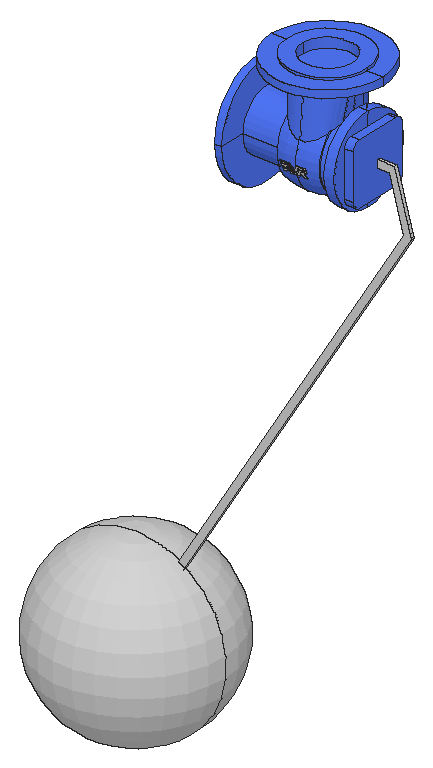
Revit family "854-00-002-DN50-300", category Pipe Accessories, Revit 2019
Family settings
  Round Connector Dimension = Use Diameter
  Part Type = Valve - Breaks Into
  Work Plane-Based = No
  Always vertical = No
  Cut with Voids When Loaded = No
  Shared = No
Parameters (values of type "DN100_PN16")
  Side_Flange_length = size_lookup(Search_table, "Side_Flange_length", 0 mm, [Nominal Diameter (DN)])  # 60 mm
  Rf_Dia = size_lookup(Search_table, "RF_Dia", 0 mm, [Nominal Diameter (DN)])  # 78 mm
  L = size_lookup(Search_table, "L", 0 mm, [Nominal Diameter (DN)])  # 190 mm
  ID_ref_2 = ID / 3  # 16.667 mm
  ID_ref = ID / 1.5  # 33.333 mm
  ID = size_lookup(Search_table, "DN", 0 mm, [Nominal Diameter (DN)]) / 2  # 50 mm
  Nominal Diameter (DN) = 100 mm
  G = size_lookup(Search_table, "G", 0 mm, [Nominal Diameter (DN)])  # 240 mm
  Flange_Thickness = size_lookup(Search_table, "Flange_Thickness", 0 mm, [Nominal Diameter (DN)])  # 19 mm
  Flange_OD = size_lookup(Search_table, "Flange_OD", 0 mm, [Nominal Diameter (DN)]) / 2  # 110 mm
  Fillet_length_2 = Fillet_length * 3  # 15 mm
  Fillet_length = size_lookup(Search_table, "Fillet_length", 0 mm, [Nominal Diameter (DN)])  # 5 mm
  E = size_lookup(Search_table, "E", 0 mm, [Nominal Diameter (DN)])  # 330 mm
  Description_ = "AVK BALL FLOAT VALVE"
  DN080_PN16 = "854-080-00-1311"
  DN050_PN16 = "854-050-00-1311"
  DN300_PN16 = "854-300-00-1311"
  DN250_PN16 = "854-250-00-1311"
  DN200_PN16 = "854-200-00-1311"
  DN150_PN16 = "854-150-00-1311"
  DN100_PN16 = "854-100-00-1311"
  Search_table = "854-00-002-DN50-300"
  URL product pages = "https://www.avkvalves.com/P.aspx?no=854050001311"
  D = size_lookup(Search_table, "D", 0 mm, [Nominal Diameter (DN)])  # 380 mm
  C = size_lookup(Search_table, "C", 0 mm, [Nominal Diameter (DN)])  # 1000 mm
  Body_wallthickness_ref_3 = Body_wallthickness_ref * 1.4  # 84 mm
  Body_wallthickness_ref_2 = Body_wallthickness_ref * 2  # 120 mm
  Body_wallthickness_ref = ID + Body_wallthickness  # 60 mm
  Body_wallthickness = 10 mm  # constant formula
  Ball_dia_ref_2 = Ball_dia_ref / 2.5  # 144 mm
  Ball_dia_ref = Ball_dia  # 360 mm
  Ball_dia = size_lookup(Search_table, "Ball_dia", 0 mm, [Nominal Diameter (DN)])  # 360 mm
  B = size_lookup(Search_table, "B", 0 mm, [Nominal Diameter (DN)])  # 160 mm
  A = size_lookup(Search_table, "A", 0 mm, [Nominal Diameter (DN)])  # 140 mm
Types (8, lengths in mm): name | Side_Flange_length | Rf_Dia | L | ID_ref_2 | ID_ref | ID | Nominal Diameter (DN) | G | Flange_Thickness | Flange_OD | Fillet_length_2 | Fillet_length | E | D | C | Body_wallthickness_ref_3 | Body_wallthickness_ref_2 | Body_wallthickness_ref | Ball_dia_ref_2 | Ball_dia_ref | Ball_dia | B | A
  (no name) | 60 | 78 | 190 | 16.667 | 33.333 | 50 | 100 | 240 | 19 | 110 | 15 | 5 | 330 | 380 | 1000 | 84 | 120 | 60 | 144 | 360 | 360 | 160 | 140
  DN050_PN16 | 35 | 42 | 150 | 8.333 | 16.667 | 25 | 50 | 150 | 19 | 75 | 15 | 5 | 170 | 260 | 700 | 49 | 70 | 35 | 124 | 310 | 310 | 110 | 110
  DN080_PN16 | 50 | 66 | 180 | 13.333 | 26.667 | 40 | 80 | 170 | 19 | 100 | 15 | 5 | 250 | 300 | 850 | 70 | 100 | 50 | 144 | 360 | 360 | 145 | 130
  DN100_PN16 | 60 | 78 | 190 | 16.667 | 33.333 | 50 | 100 | 240 | 19 | 110 | 15 | 5 | 330 | 380 | 1000 | 84 | 120 | 60 | 144 | 360 | 360 | 160 | 140
  DN150_PN16 | 80 | 106 | 210 | 25 | 50 | 75 | 150 | 290 | 19 | 142 | 22.5 | 7.5 | 480 | 470 | 1250 | 119 | 170 | 85 | 184 | 460 | 460 | 210 | 180
  DN200_PN16 | 100 | 133 | 230 | 33.333 | 66.667 | 100 | 200 | 350 | 20 | 170 | 30 | 10 | 650 | 570 | 1500 | 154 | 220 | 110 | 184 | 460 | 460 | 270 | 220
  DN250_PN16 | 120 | 160 | 250 | 41.667 | 83.333 | 125 | 250 | 400 | 22 | 200 | 30 | 10 | 810 | 650 | 1800 | 189 | 270 | 135 | 184 | 460 | 460 | 330 | 250
  DN300_PN16 | 140 | 185 | 270 | 50 | 100 | 150 | 300 | 450 | 24.5 | 228 | 30 | 10 | 930 | 750 | 2200 | 224 | 320 | 160 | 184 | 460 | 460 | 380 | 300
Reference planes
  plane 1 "Center (Front/Back)": y = 0
  plane 2: z = 0
  plane 3 "Center (Left/Right)": x = 0
  plane 4: y = 0
  plane 5: x = -150
  plane 6: x = 150
  plane 7: z = 110
  plane 8: x = 160
  plane 9: x = 80
  plane 10: z = -110
  plane 11: z = -60
  plane 12: z = -85
  plane 13: z = -72.5
  plane 14: x = -42
  plane 15: x = 42
  plane 16: z = 110
  plane 17: z = 60
  plane 18: z = -35
  plane 19: z = -60
  plane 20: z = -85
  plane 21: z = -110
  plane 22: z = -50
  plane 23: z = -72.5
  plane 24: y = 60
  plane 25: y = -60
  plane 26: z = 60
  plane 27: z = -60
  plane 28: z = 45
  plane 29: z = 45
  plane 30: z = -45
  plane 31: z = -45
  plane 32: y = -45
  plane 33: y = 45
  plane 34: y = 45
  plane 35: y = -45
  plane 36: x = -140
  plane 37: x = 160
  plane 38: x = 99
  plane 39: x = 80
  plane 40: z = -78.75
  plane 41: y = -60
  plane 42: y = -110
  plane 43: y = -85
  plane 44: z = 160
  plane 45: y = -72.5
  plane 46: y = 33.333
  plane 47: y = -33.333
  plane 48: x = -42
  plane 49: x = 42
  plane 50: y = 72.5
  plane 51: x = -60
  plane 52: x = 60
  plane 53: y = 60
  plane 54: y = 16.667
  plane 55: y = -16.667
  plane 56: z = 141
  plane 57: x = -380
  plane 58: z = -1000
  plane 59: x = -710
  plane 60: x = 129.5
  plane 61: z = -110
Forms (mm)
  Revolve 1, solid, material "Plastic"
    sketch origin (0, 0, 0) x (1, 0, 0) y (0, 1, 0)
      loop
        line (-140, 110) -> (-140, 50) -> (80, 50) -> (80, 60) -> (-121, 60) -> (-121, 110) -> (-140, 110)
      axis (-140, 0) -> (80, 0)
    angle from 0 to 360
  Extrusion 2, solid, material "Aluminum 1100-O"
    sketch origin (0, 0, 0) x (0, 1, 0) y (0, 0, 1)
      loop
        circle (0, 0) r 50
    from -4.878 to 4.878
  Revolve 3, void
    sketch origin (0, 0, 0) x (1, 0, 0) y (0, 0, 1)
      loop
        line (-140, 110) -> (-140, 78) -> (-136, 78) -> (-136, 110) -> (-140, 110)
      axis (-140, 0) -> (-136, 0)
    angle from 0 to 360
  Revolve 4, solid, material "Plastic"
    sketch origin (0, 0, 0) x (1, 0, 0) y (0, 0, 1)
      loop
        line (-42, -50) -> (-42, -72.5)
        arc (-42, -72.5) -> (-21.239, -77.233) -> (0, -78.75) r 139.465
        arc (0, -78.75) -> (21.239, -77.233) -> (42, -72.5) r 139.465
        line (42, -72.5) -> (42, -50) -> (-42, -50)
      axis (-42, 0) -> (42, 0)
    angle from 0 to 360
  Revolve 5, solid, material "Plastic"
    sketch origin (0, 0, 0) x (1, 0, 0) y (0, 0, 1)
      loop
        line (80, 50) -> (80, 85) -> (61, 85) -> (61, 50) -> (80, 50)
      axis (61, 0) -> (80, 0)
    angle from 0 to 360
  Revolve 6, solid, material "Plastic"
    sketch origin (0, 0, 0) x (1, 0, 0) y (0, 0, 1)
      loop
        line (42, -72.5) -> (61, -72.5) -> (61, -50) -> (42, -50) -> (42, -72.5)
      axis (42, 0) -> (61, 0)
    angle from 0 to 360
  Extrusion 7, solid, material "Plastic"
    sketch origin (0, 0, 0) x (0, 1, 0) y (0, 0, 1)
      loop
        line (45, 60) -> (-45, 60)
        arc (-45, 60) -> (-55.607, 55.607) -> (-60, 45) r 15
        line (-60, 45) -> (-60, -45)
        arc (-60, -45) -> (-55.607, -55.607) -> (-45, -60) r 15
        line (-45, -60) -> (45, -60)
        arc (45, -60) -> (55.607, -55.607) -> (60, -45) r 15
        line (60, -45) -> (60, 45)
        arc (60, 45) -> (55.607, 55.607) -> (45, 60) r 15
    from 80 to 99
  SweptBlend 8, solid, material "Plastic"
    path origin (0, 0, 0) x (1, 0, 0) y (0, 0, 1)
      loop
        line (0, 0) -> (0, 141)
    profile origin (0, 0, 0) x (-1, 0, 0) y (0, -1, 0)
      loop
        line (42, 0) -> (42, 33.333)
        arc (42, 33.333) -> (29.515, 62.048) -> (0, 72.5) r 39.262
        arc (0, 72.5) -> (-29.515, 62.048) -> (-42, 33.333) r 39.262
        line (-42, 33.333) -> (-42, 0) -> (-42, -33.333)
        arc (-42, -33.333) -> (-29.515, -62.048) -> (0, -72.5) r 39.262
        arc (0, -72.5) -> (29.515, -62.048) -> (42, -33.333) r 39.262
        line (42, -33.333) -> (42, 0)
    end profile origin (0, 0, 141) x (-1, 0, 0) y (0, -1, 0)
      loop
        line (60, 0) -> (60, 16.667)
        arc (60, 16.667) -> (37.273, 48.404) -> (0, 60) r 61.331
        arc (0, 60) -> (-37.273, 48.404) -> (-60, 16.667) r 61.331
        line (-60, 16.667) -> (-60, 0) -> (-60, -16.667)
        arc (-60, -16.667) -> (-37.273, -48.404) -> (0, -60) r 61.331
        arc (0, -60) -> (37.273, -48.404) -> (60, -16.667) r 61.331
        line (60, -16.667) -> (60, 0)
  Extrusion 9, solid, material "Plastic"
    sketch origin (0, 0, 0) x (1, 0, 0) y (0, 1, 0)
      loop
        circle (0, 0) r 110
      loop
        circle (0, 0) r 50
    from 141 to 160
  Revolve 10, void
    sketch origin (0, 0, 0) x (1, 0, 0) y (0, 0, 1)
      loop
        line (-110, 160) -> (-110, 156) -> (-78, 156) -> (-78, 160) -> (-110, 160)
      axis (0, 156) -> (0, 160)
    angle from 0 to 360
  Sweep 11, solid, material "Stainless Steel AISI 304"
    path origin (0, 0, 0) x (1, 0, 0) y (0, 0, 1)
      loop
        line (99, 0) -> (129.5, 0) -> (160, -110) -> (-380, -1000)
    profile origin (114.25, 0, 0) x (0, 0, 1) y (0, -1, 0)
      loop
        line (7.5, -2.5) -> (7.5, 2.5) -> (-7.5, 2.5) -> (-7.5, -2.5) -> (7.5, -2.5)
  Revolve 12, solid, material "Stainless Steel AISI 304"
    sketch origin (0, 0, 0) x (1, 0, 0) y (0, 0, 1)
      loop
        arc (-380, -1180) -> (-200, -1000) -> (-380, -820) r 180
        line (-380, -820) -> (-380, -1180)
      axis (-380, -1180) -> (-380, -820)
    angle from 0 to 360
Cuts and joins
  Revolve 3 cuts Revolve 1
  Revolve 10 cuts Extrusion 9
Dimensions and locks
  "Flange_Thickness": Revolve 1 sketch curve to Revolve 1 sketch curve
  "ID": plane 4 to Revolve 1 sketch curve
  "Body_wallthickness": Revolve 1 sketch curve to Revolve 1 sketch curve
  equal spacing: plane 5, plane 3 "Center (Left/Right)", plane 6
  locked: plane 5 to plane 6 at 300
  "Flange_OD": plane 7 to level
  locked: cut or joined group of Revolve 1, Revolve 3 to Revolve 3 sketch curve at 4
  "Rf_Dia": Revolve 3 sketch curve to level
  equal spacing: Extrusion 2, plane 3 "Center (Left/Right)", Extrusion 2
  locked: Extrusion 2 to Extrusion 2 at 9.755
  "A": Revolve 1 sketch curve to plane 3 "Center (Left/Right)"
  "B": plane 3 "Center (Left/Right)" to plane 8
  equal spacing: plane 3 "Center (Left/Right)", plane 9, plane 8
  "Flange_OD": plane 4 to Revolve 1 sketch curve
  "Body_wallthickness_ref": level to plane 11
  "Flange_OD": level to plane 10
  equal spacing: plane 11, plane 12, plane 10
  equal spacing: plane 11, plane 13, plane 12
  equal spacing: plane 14, plane 3 "Center (Left/Right)", plane 15
  "Body_wallthickness_ref_3": plane 14 to plane 15
  "Flange_OD": plane 16 to level
  Revolve 5 sketch curve to level = 85 mm
  "Body_wallthickness_ref": plane 17 to level
  equal spacing: plane 16, Revolve 5 sketch curve, plane 17
  "Flange_Thickness": Revolve 5 sketch curve to cut or joined group of Revolve 1, Revolve 3
  "Flange_OD": level to plane 21
  "ID": level to Revolve 6 sketch curve
  "ID": level to Revolve 4 sketch curve
  "Body_wallthickness_ref": level to plane 19
  equal spacing: plane 19, plane 20, plane 21
  equal spacing: plane 19, plane 23, plane 20
  "Fillet_length_2": plane 24 to plane 33
  "Fillet_length_2": plane 32 to plane 25
  "Fillet_length_2": plane 26 to plane 28
  "Fillet_length_2": plane 26 to plane 29
  "Fillet_length_2": plane 31 to plane 27
  "Fillet_length_2": plane 35 to plane 25
  "Fillet_length_2": plane 24 to plane 34
  "Fillet_length_2": plane 30 to plane 27
  equal spacing: plane 26, level, plane 27
  equal spacing: plane 24, plane 1 "Center (Front/Back)", plane 25
  "Side_Flange_length": plane 24 to plane 1 "Center (Front/Back)"
  "Side_Flange_length": plane 26 to level
  "A": plane 3 "Center (Left/Right)" to plane 36
  "B": plane 37 to plane 3 "Center (Left/Right)"
  equal spacing: plane 37, plane 39, plane 3 "Center (Left/Right)"
  "Flange_Thickness": plane 38 to plane 39
  equal spacing: plane 13, plane 40, plane 12
  "Body_wallthickness_ref": plane 41 to plane 1 "Center (Front/Back)"
  "Flange_OD": plane 42 to plane 1 "Center (Front/Back)"
  equal spacing: plane 42, plane 43, plane 41
  "B": plane 44 to level
  equal spacing: plane 43, plane 45, plane 41
  equal spacing: plane 46, plane 1 "Center (Front/Back)", plane 47
  equal spacing: plane 48, plane 3 "Center (Left/Right)", plane 49
  "Body_wallthickness_ref_3": plane 48 to plane 49
  "ID_ref": plane 46 to plane 1 "Center (Front/Back)"
  equal spacing: plane 50, plane 1 "Center (Front/Back)", plane 45
  equal spacing: plane 51, plane 3 "Center (Left/Right)", plane 52
  "Body_wallthickness_ref_2": plane 51 to plane 52
  equal spacing: plane 41, plane 1 "Center (Front/Back)", plane 53
  equal spacing: plane 54, plane 1 "Center (Front/Back)", plane 55
  "ID_ref_2": plane 54 to plane 1 "Center (Front/Back)"
  "Flange_Thickness": plane 44 to plane 56
  locked: plane 44 to Revolve 10 sketch curve at 4
  "Rf_Dia": plane 3 "Center (Left/Right)" to Revolve 10 sketch curve
  "G": plane 36 to plane 57
  "C": level to plane 58
  "E": plane 57 to plane 59
  "D": plane 3 "Center (Left/Right)" to plane 57
  equal spacing: plane 37, plane 60, plane 38
  "Flange_OD": level to plane 61
  equal spacing: Sweep 11 sketch curve, profile plane, Sweep 11 sketch curve
  equal spacing: Sweep 11 sketch curve, SweptBlend 8, Sweep 11 sketch curve
  "Fillet_length": Sweep 11 sketch curve to Sweep 11 sketch curve
  "Fillet_length_2": Sweep 11 sketch curve to Sweep 11 sketch curve
  equal spacing: Revolve 12 sketch curve, plane 58, Revolve 12 sketch curve
  "Ball_dia": Revolve 12 sketch curve to Revolve 12 sketch curve
  "Flange_OD": radius of Extrusion 9 sketch curve
  "ID": radius of Extrusion 9 sketch curve
  aligned and locked: level to plane 2
  aligned and locked: plane 1 "Center (Front/Back)" to plane 4
  aligned and locked: plane 1 "Center (Front/Back)" to Revolve 1 sketch curve
  aligned and locked: Extrusion 2 sketch curve to cut or joined group of Revolve 1, Revolve 3  (x2)
  aligned and locked: Revolve 3 sketch curve to plane 2
  aligned and locked: Revolve 3 sketch curve to cut or joined group of Revolve 1, Revolve 3
  aligned and locked: Revolve 1 sketch curve to plane 9
  aligned and locked: plane 14 to Revolve 4 sketch curve  (x2)
  aligned and locked: plane 15 to Revolve 4 sketch curve  (x2)
  aligned and locked: Revolve 5 sketch curve to cut or joined group of Revolve 1, Revolve 3
  aligned and locked: Revolve 5 sketch curve to plane 2
  aligned and locked: Revolve 6 sketch curve to Revolve 4
  aligned and locked: Revolve 6 sketch curve to Revolve 5
  aligned and locked: Revolve 6 sketch curve to plane 2
  aligned and locked: Extrusion 7 sketch curve to plane 32
  aligned and locked: plane 26 to Extrusion 7 sketch curve  (x2)
  aligned and locked: Extrusion 7 sketch curve to plane 28
  aligned and locked: plane 25 to Extrusion 7 sketch curve  (x2)
  aligned and locked: Extrusion 7 sketch curve to plane 31
  aligned and locked: plane 27 to Extrusion 7 sketch curve  (x2)
  aligned and locked: plane 35 to Extrusion 7 sketch curve
  aligned and locked: plane 34 to Extrusion 7 sketch curve
  aligned and locked: plane 24 to Extrusion 7 sketch curve  (x2)
  aligned and locked: Extrusion 7 sketch curve to plane 30
  aligned and locked: Extrusion 7 sketch curve to plane 33
  aligned and locked: Extrusion 7 sketch curve to plane 29
  aligned and locked: Extrusion 7 to cut or joined group of Revolve 1, Revolve 3
  aligned and locked: plane 36 to cut or joined group of Revolve 1, Revolve 3
  aligned and locked: plane 38 to Extrusion 7
  aligned and locked: plane 40 to Revolve 4 sketch curve
  aligned and locked: plane 3 "Center (Left/Right)" to Revolve 4 sketch curve
  aligned and locked: plane 13 to Revolve 4 sketch curve  (x2)
  aligned and locked: plane 50 to SweptBlend 8 sketch curve
  aligned and locked: plane 3 "Center (Left/Right)" to SweptBlend 8 sketch curve  (x4)
  aligned and locked: plane 46 to SweptBlend 8 sketch curve  (x2)
  aligned and locked: plane 48 to SweptBlend 8 sketch curve  (x2)
  aligned and locked: plane 49 to SweptBlend 8 sketch curve  (x2)
  aligned and locked: plane 47 to SweptBlend 8 sketch curve  (x2)
  aligned and locked: plane 45 to SweptBlend 8 sketch curve
  aligned and locked: plane 53 to SweptBlend 8 sketch curve
  aligned and locked: plane 54 to SweptBlend 8 sketch curve  (x2)
  aligned and locked: plane 51 to SweptBlend 8 sketch curve  (x2)
  aligned and locked: plane 52 to SweptBlend 8 sketch curve  (x2)
  aligned and locked: plane 55 to SweptBlend 8 sketch curve  (x2)
  aligned and locked: plane 41 to SweptBlend 8 sketch curve
  aligned and locked: plane 2 to SweptBlend 8 sketch curve
  aligned and locked: SweptBlend 8 sketch curve to Revolve 4
  aligned and locked: plane 44 to Extrusion 9
  aligned and locked: Extrusion 9 to SweptBlend 8
  aligned and locked: Revolve 10 sketch curve to Extrusion 9  (x2)
  aligned and locked: plane 3 "Center (Left/Right)" to Revolve 10 sketch curve
  aligned and locked: plane 23 to Revolve 6 sketch curve
  aligned and locked: plane 38 to Sweep 11 sketch curve
  aligned and locked: level to Sweep 11 sketch curve
  aligned and locked: plane 60 to Sweep 11 sketch curve
  aligned and locked: plane 37 to Sweep 11 sketch curve
  aligned and locked: plane 61 to Sweep 11 sketch curve
  aligned and locked: plane 57 to Sweep 11 sketch curve
  aligned and locked: plane 58 to Sweep 11 sketch curve
  aligned and locked: plane 57 to Revolve 12 sketch curve
  aligned and locked: Revolve 12 sketch curve to Revolve 12 sketch curve
Automatic sketch dimensions
  Revolve 3 sketch curve to plane 7 = 0 mm
  Revolve 3 sketch curve to Revolve 3 sketch curve = 12 mm
  Revolve 1 sketch curve to plane 3 "Center (Left/Right)" = 30 mm
  plane 3 "Center (Left/Right)" to Revolve 1 sketch curve = 10 mm
  plane 3 "Center (Left/Right)" to Revolve 3 sketch curve = 36 mm
  Revolve 5 sketch curve to plane 17 = 10 mm
  Revolve 5 sketch curve to Revolve 5 sketch curve = 5 mm
  Revolve 5 sketch curve to Revolve 5 sketch curve = 25 mm
  plane 3 "Center (Left/Right)" to Revolve 6 sketch curve = 10.853 mm
  Revolve 6 sketch curve to Revolve 6 sketch curve = 4.853 mm
  Revolve 4 sketch curve to level = 0 mm
  Revolve 4 sketch curve to plane 3 "Center (Left/Right)" = 0.712 mm
  plane 3 "Center (Left/Right)" to Revolve 4 sketch curve = 0.712 mm
  Revolve 4 sketch curve to plane 14 = 5 mm
  plane 15 to Revolve 4 sketch curve = 5 mm
  plane 1 "Center (Front/Back)" to SweptBlend 8 sketch curve = 0 mm  (x4)
  profile plane to SweptBlend 8 sketch curve = 1.365 mm  (x2)
  SweptBlend 8 sketch curve to profile plane = 1.365 mm  (x2)
  SweptBlend 8 sketch curve to plane 56 = 0 mm
  Revolve 10 sketch curve to plane 44 = 9 mm
  plane 44 to Revolve 10 sketch curve = 3.827 mm
  Extrusion 9 sketch curve to Extrusion 9 sketch curve = 0 mm  (x2)
  plane 1 "Center (Front/Back)" to Extrusion 9 sketch curve = 0 mm
  Extrusion 9 sketch curve to plane 3 "Center (Left/Right)" = 0 mm
  Revolve 12 sketch curve to Revolve 12 sketch curve = 35 mm
  plane 58 to Revolve 12 sketch curve = 35 mm
Nested families
  nested 1: "LOGO - Copy - Copy" at (-0.969, -72.21, -31.4) x (0.9999, -0.0111, -0.0048) z (-0.0121, -0.917, -0.3987), type "LOGO - Copy - Copy"
Connectors
  piping at (0, 0, 160), diameter 100, driven by "Nominal Diameter (DN)"
    settings: on Extrusion 9, index 1, connector inside diameter 609.6 mm, connector length 0 mm, flow factor 0, pipe flow 0.0 L/s, pressure drop 0.0 Pa, fitting loss kfactor 0, connector angle 0.00°, fixture units 0, engagement length 0 mm, angle of deflection 0.00°, flow configuration 0, flow direction 0, fitting loss method 0, system type 7, joint type 0, gender type 0, connector reference index -1, connector utility 0, adjustable connector no, is connector primary yes, connector description ""
Definition of nested family "LOGO - Copy - Copy"
  Parameters (values of type "LOGO - Copy - Copy")
    Default Elevation = 1219.2 mm
  Reference planes
    plane 1 "Center (Front/Back)": y = 0
    plane 2: z = 0
    plane 3 "Center (Left/Right)": x = 0
  Forms (mm)
    Extrusion 1, solid
      sketch origin (0, 0, 0) x (1, 0, 0) y (0, 1, 0)
        loop
          line (-1219.2, 1219.2) -> (-1219.2, -1219.2) -> (1219.2, -1219.2) -> (1219.2, 1219.2) -> (-1219.2, 1219.2)
      from 0 to -304.8
    Extrusion 2, solid
      sketch origin (0, 0, 0) x (1, 0, 0) y (0, 1, 0)
        loop
          line (-6.514, 34.224) -> (-24, 34.224) -> (-24, 29.481) -> (-9.766, 29.481) -> (-2.391, 11.367) -> (2.391, 11.367) -> (9.766, 29.481) -> (24, 29.481) -> (24, 34.224) -> (6.514, 34.224) -> (0, 18.224) -> (-6.514, 34.224)
        loop
          line (-10.996, 27.653) -> (-24, 27.653) -> (-24, 23.081) -> (-19.503, 23.081) -> (-24, 11.367) -> (-18.92, 11.367) -> (-17.955, 13.881) -> (-10.51, 13.881) -> (-9.486, 11.367) -> (-4.365, 11.367) -> (-10.996, 27.653)
        loop
          line (-16.777, 18.224) -> (-12.278, 18.224) -> (-14.594, 23.912) -> (-16.777, 18.224)
        loop
          line (4.365, 11.367) -> (9.486, 11.367) -> (12.093, 17.77) -> (16.918, 11.367) -> (22.857, 11.367) -> (17.399, 18.61)
          arc (17.399, 18.61) -> (20.583, 20.18) -> (22.629, 23.081) r 7.2
          line (22.629, 23.081) -> (24, 23.081) -> (24, 27.653) -> (19.429, 27.653)
          arc (19.429, 27.653) -> (17.763, 23.526) -> (13.699, 21.714) r 5.943
          line (13.699, 21.714) -> (16.117, 27.653) -> (10.996, 27.653) -> (4.365, 11.367)
      from 0 to 1
  Dimensions and locks
    aligned and locked: plane 2 to Extrusion 1
    aligned and locked: level to Extrusion 1
    aligned and locked: Extrusion 2 sketch curve to import instance
